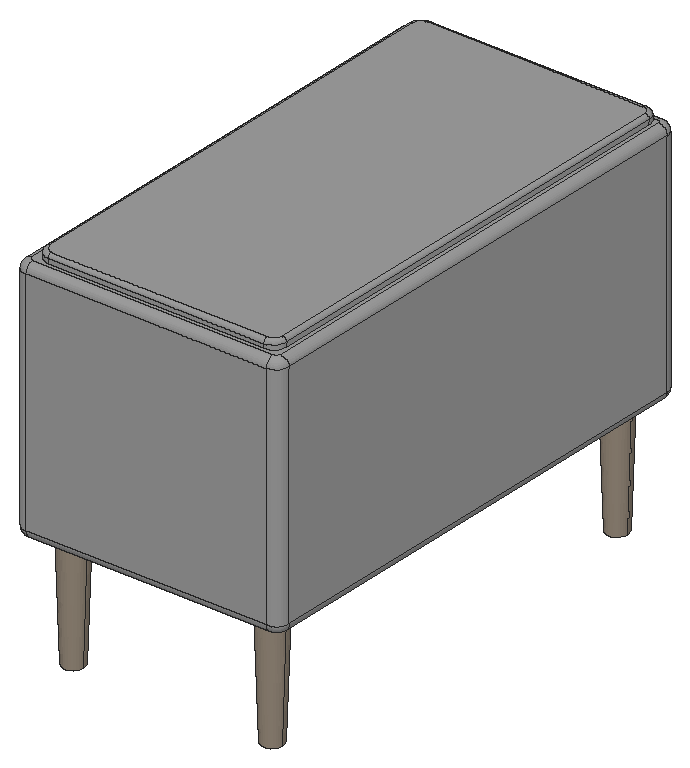
Revit family "Rise_RS-SPN-ARM-1630-LT_16inchSpannerArmLamTop", category Furniture, Revit 2021
Family settings
  OmniClass Number = 23.40.20.00
  OmniClass Title = General Furniture and Specialties
  Work Plane-Based = No
  Always vertical = Yes
  Cut with Voids When Loaded = No
  Shared = No
  Room Calculation Point = No
Parameters
  width2 = 15.25"
  width = 16"
  seat top = wood finish 12
  seat material = Fabric 12i
  seat height = 22"
  depth2 = 29.1875"
  depth = 30"
  Default Elevation = 0"
  Base material = wooden base 12
Reference planes (in)
  plane 1 "Center Front/Back": y = 0
  plane 2: z = 0
  plane 3 "Center Left/Right": x = 0
  plane 4: y = 15
  plane 5: y = -15
  plane 6: x = -8
  plane 7: x = 8
  plane 8: z = 22
  plane 9: z = 7.125
  plane 10: z = 22.5
  plane 11: x = -7.625
  plane 12: x = 7.625
  plane 13: y = -14.59375
  plane 14: y = 14.59375
Forms (in)
  Extrusion 1, solid, material "Fabric 12i" <- "seat material"
    sketch origin (0, 0, 0) x (1, 0, 0) y (0, 1, 0)
      loop
        arc (-7.25, 15) -> (-7.78033, 14.78033) -> (-8, 14.25) r 0.75
        line (-8, 14.25) -> (-8, -14.25)
        arc (-8, -14.25) -> (-7.78033, -14.78033) -> (-7.25, -15) r 0.75
        line (-7.25, -15) -> (7.25, -15)
        arc (7.25, -15) -> (7.78033, -14.78033) -> (8, -14.25) r 0.75
        line (8, -14.25) -> (8, 14.25)
        arc (8, 14.25) -> (7.78033, 14.78033) -> (7.25, 15) r 0.75
        line (7.25, 15) -> (-7.25, 15)
    from 7.125 to 22
  Sweep 2, void
    path in 3D
      loop
        arc (-7.25, 15, 22) -> (-7.78033, 14.78033, 22) -> (-8, 14.25, 22) r 0.75
        line (-8, 14.25, 22) -> (-8, -14.25, 22)
        arc (-8, -14.25, 22) -> (-7.78033, -14.78033, 22) -> (-7.25, -15, 22) r 0.75
        line (-7.25, -15, 22) -> (7.25, -15, 22)
        arc (7.25, -15, 22) -> (7.78033, -14.78033, 22) -> (8, -14.25, 22) r 0.75
        line (8, -14.25, 22) -> (8, 14.25, 22)
        arc (8, 14.25, 22) -> (7.78033, 14.78033, 22) -> (7.25, 15, 22) r 0.75
        line (7.25, 15, 22) -> (-7.25, 15, 22)
    profile origin (0, 15, 22) x (0, -1, 0) y (0, 0, 1)
      loop
        line (0, 0) -> (0, -0.5)
        arc (0, -0.5) -> (0.14645, -0.14645) -> (0.5, 0) r 0.5
        line (0.5, 0) -> (0, 0)
  Extrusion 3, solid, material "wood finish 12" <- "seat top"
    sketch origin (0, 0, 0) x (1, 0, 0) y (0, 1, 0)
      loop
        arc (-6.5, 14.59375) -> (-7.03033, 14.37408) -> (-7.25, 13.84375) r 0.75
        line (-7.25, 13.84375) -> (-7.25, -13.5)
        arc (-7.25, -13.5) -> (-7.03033, -14.03033) -> (-6.5, -14.25) r 0.75
        line (-6.5, -14.25) -> (6.5, -14.25)
        arc (6.5, -14.25) -> (7.03033, -14.03033) -> (7.25, -13.5) r 0.75
        line (7.25, -13.5) -> (7.25, 13.84375)
        arc (7.25, 13.84375) -> (7.03033, 14.37408) -> (6.5, 14.59375) r 0.75
        line (6.5, 14.59375) -> (-6.5, 14.59375)
    from 22 to 22.5
  Sweep 4, void
    path in 3D
      loop
        arc (-7.25, 15, 7.125) -> (-7.78033, 14.78033, 7.125) -> (-8, 14.25, 7.125) r 0.75
        line (-8, 14.25, 7.125) -> (-8, -14.25, 7.125)
        arc (-8, -14.25, 7.125) -> (-7.78033, -14.78033, 7.125) -> (-7.25, -15, 7.125) r 0.75
        line (-7.25, -15, 7.125) -> (7.25, -15, 7.125)
        arc (7.25, -15, 7.125) -> (7.78033, -14.78033, 7.125) -> (8, -14.25, 7.125) r 0.75
        line (8, -14.25, 7.125) -> (8, 14.25, 7.125)
        arc (8, 14.25, 7.125) -> (7.78033, 14.78033, 7.125) -> (7.25, 15, 7.125) r 0.75
        line (7.25, 15, 7.125) -> (-7.25, 15, 7.125)
    profile origin (0, 15, 7.125) x (0, 1, 0) y (0, 0, -1)
      loop
        line (0, 0) -> (-0.5, 0)
        arc (-0.5, 0) -> (-0.14645, -0.14645) -> (0, -0.5) r 0.5
        line (0, -0.5) -> (0, 0)
  Blend 5, solid, material "wooden base 12" <- "Base material"
    base sketch origin (57.95812, 13.80283, 0) x (-1, 0, 0) y (0, -1, 0)
      loop
        circle (63.95812, 26.80283) r 0.875
    top sketch origin (57.95812, 13.80283, 0) x (-1, 0, 0) y (0, -1, 0)
      loop
        circle (63.95812, 26.80283) r 0.62593
    from 7.12323 to 0
  Extrusion 6, void
    sketch origin (17.90316, 11.38632, 0) x (-1, 0, 0) y (0, -1, 0)
      loop
        circle (23.90316, 24.38632) r 0.3906
    from 0 to 7.12323
  Blend 7, solid, material "wooden base 12" <- "Base material", not visible
    base sketch origin (-54.96047, -7.95933, 0) x (1, 0, 0) y (0, 1, 0)
      loop
        circle (63.95812, 0.80283) r 0.875
    top sketch origin (-54.96047, -7.95933, 0) x (1, 0, 0) y (0, 1, 0)
      loop
        circle (63.95812, 0.80283) r 0.62593
    from 7.12323 to 0
  Extrusion 8, void, not visible
    sketch origin (-14.90551, -5.54282, 0) x (1, 0, 0) y (0, 1, 0)
      loop
        circle (23.90316, -1.61368) r 0.3906
    from 0 to 7.12323
  Blend 9, solid, material "wooden base 12" <- "Base material"
    base sketch origin (-57.95812, -13.80283, 0) x (1, 0, 0) y (0, 1, 0)
      loop
        circle (63.95812, 0.80283) r 0.875
    top sketch origin (-57.95812, -13.80283, 0) x (1, 0, 0) y (0, 1, 0)
      loop
        circle (63.95812, 0.80283) r 0.62593
    from 7.12323 to 0
  Extrusion 10, void
    sketch origin (-17.90316, -11.38632, 0) x (1, 0, 0) y (0, 1, 0)
      loop
        circle (23.90316, -1.61368) r 0.3906
    from 0 to 7.12323
  Blend 11, solid, material "wooden base 12" <- "Base material"
    base sketch origin (57.95812, 13.80283, 0) x (-1, 0, 0) y (0, -1, 0)
      loop
        circle (63.95812, 0.80283) r 0.875
    top sketch origin (57.95812, 13.80283, 0) x (-1, 0, 0) y (0, -1, 0)
      loop
        circle (63.95812, 0.80283) r 0.62593
    from 7.12323 to 0
  Extrusion 12, void
    sketch origin (17.90316, 11.38632, 0) x (-1, 0, 0) y (0, -1, 0)
      loop
        circle (23.90316, -1.61368) r 0.3906
    from 0 to 7.12323
  Blend 13, solid, material "wooden base 12" <- "Base material"
    base sketch origin (-57.95812, -13.80283, 0) x (1, 0, 0) y (0, 1, 0)
      loop
        circle (63.95812, 26.80283) r 0.875
    top sketch origin (-57.95812, -13.80283, 0) x (1, 0, 0) y (0, 1, 0)
      loop
        circle (63.95812, 26.80283) r 0.62593
    from 7.12323 to 0
  Extrusion 14, void
    sketch origin (-17.90316, -11.38632, 0) x (1, 0, 0) y (0, 1, 0)
      loop
        circle (23.90316, 24.38632) r 0.3906
    from 0 to 7.12323
  Sweep 15, void
    path in 3D
      loop
        arc (-7.25, -13.5, 22.5) -> (-7.03033, -14.03033, 22.5) -> (-6.5, -14.25, 22.5) r 0.75
        line (-6.5, -14.25, 22.5) -> (6.5, -14.25, 22.5)
        arc (6.5, -14.25, 22.5) -> (7.03033, -14.03033, 22.5) -> (7.25, -13.5, 22.5) r 0.75
        line (7.25, -13.5, 22.5) -> (7.25, 13.84375, 22.5)
        arc (7.25, 13.84375, 22.5) -> (7.03033, 14.37408, 22.5) -> (6.5, 14.59375, 22.5) r 0.75
        line (6.5, 14.59375, 22.5) -> (-6.5, 14.59375, 22.5)
        arc (-6.5, 14.59375, 22.5) -> (-7.03033, 14.37408, 22.5) -> (-7.25, 13.84375, 22.5) r 0.75
        line (-7.25, 13.84375, 22.5) -> (-7.25, -13.5, 22.5)
    profile origin (-7.25, 0.17187, 22.5) x (1, 0, 0) y (0, 0, 1)
      loop
        line (0, 0) -> (0, -0.25)
        arc (0, -0.25) -> (0.07322, -0.07322) -> (0.25, 0) r 0.25
        line (0.25, 0) -> (0, 0)
Cuts and joins
  Sweep 2, Sweep 4, Extrusion 10, Extrusion 12, Extrusion 14 cuts Extrusion 1
  Extrusion 6, Extrusion 10, Extrusion 12 cuts Blend 5
  Extrusion 10, Extrusion 14 cuts Blend 9
  Extrusion 12 cuts Blend 11
  Extrusion 14 cuts Blend 13
  Sweep 15 cuts Extrusion 3
Lines and regions (in)
  sketch lines
    curve 1: line (7.25, 15, 22) -> (-7.25, 15, 22)
    curve 2: arc (7.25, 15, 22) -> (7.78033, 14.78033, 22) -> (8, 14.25, 22) r 0.75
    curve 3: line (8, -14.25, 22) -> (8, 14.25, 22)
    curve 4: arc (8, -14.25, 22) -> (7.78033, -14.78033, 22) -> (7.25, -15, 22) r 0.75
    curve 5: line (-7.25, -15, 22) -> (7.25, -15, 22)
    curve 6: arc (-7.25, -15, 22) -> (-7.78033, -14.78033, 22) -> (-8, -14.25, 22) r 0.75
    curve 7: line (-8, 14.25, 22) -> (-8, -14.25, 22)
    curve 8: arc (-8, 14.25, 22) -> (-7.78033, 14.78033, 22) -> (-7.25, 15, 22) r 0.75
    curve 9: line (7.25, 15, 7.125) -> (-7.25, 15, 7.125)
    curve 10: arc (7.25, 15, 7.125) -> (7.78033, 14.78033, 7.125) -> (8, 14.25, 7.125) r 0.75
    curve 11: line (8, -14.25, 7.125) -> (8, 14.25, 7.125)
    curve 12: arc (8, -14.25, 7.125) -> (7.78033, -14.78033, 7.125) -> (7.25, -15, 7.125) r 0.75
    curve 13: line (-7.25, -15, 7.125) -> (7.25, -15, 7.125)
    curve 14: arc (-7.25, -15, 7.125) -> (-7.78033, -14.78033, 7.125) -> (-8, -14.25, 7.125) r 0.75
    curve 15: line (-8, 14.25, 7.125) -> (-8, -14.25, 7.125)
    curve 16: arc (-8, 14.25, 7.125) -> (-7.78033, 14.78033, 7.125) -> (-7.25, 15, 7.125) r 0.75
    curve 17: line (-7.25, 13.84375, 22.5) -> (-7.25, -13.5, 22.5)
    curve 18: arc (-7.25, 13.84375, 22.5) -> (-7.03033, 14.37408, 22.5) -> (-6.5, 14.59375, 22.5) r 0.75
    curve 19: line (6.5, 14.59375, 22.5) -> (-6.5, 14.59375, 22.5)
    curve 20: arc (6.5, 14.59375, 22.5) -> (7.03033, 14.37408, 22.5) -> (7.25, 13.84375, 22.5) r 0.75
    curve 21: line (7.25, -13.5, 22.5) -> (7.25, 13.84375, 22.5)
    curve 22: arc (7.25, -13.5, 22.5) -> (7.03033, -14.03033, 22.5) -> (6.5, -14.25, 22.5) r 0.75
    curve 23: line (-6.5, -14.25, 22.5) -> (6.5, -14.25, 22.5)
    curve 24: arc (-6.5, -14.25, 22.5) -> (-7.03033, -14.03033, 22.5) -> (-7.25, -13.5, 22.5) r 0.75
Dimensions and locks (in)
  equal spacing: plane 6, plane 3 "Center Left/Right", plane 7
  equal spacing: plane 4, plane 1 "Center Front/Back", plane 5
  "depth": plane 4 to plane 5
  "width": plane 6 to plane 7
  "seat height": plane 8 to level
  plane 9 to level = 7.125"
  plane 10 to plane 8 = 0.5"  (x2)
  equal spacing: plane 14, plane 1 "Center Front/Back", plane 13
  "depth2": plane 14 to plane 13
  equal spacing: plane 11, plane 3 "Center Left/Right", plane 12
  "width2": plane 11 to plane 12
  diameter of Blend 5 sketch curve = 1.25187"
  diameter of Extrusion 6 sketch curve = 0.7812"
  diameter of Blend 7 sketch curve = 1.25187"
  diameter of Extrusion 8 sketch curve = 0.7812"
  diameter of Blend 9 sketch curve = 1.25187"
  diameter of Extrusion 10 sketch curve = 0.7812"
  diameter of Blend 11 sketch curve = 1.25187"
  diameter of Extrusion 12 sketch curve = 0.7812"
  diameter of Blend 13 sketch curve = 1.25187"
  diameter of Extrusion 14 sketch curve = 0.7812"
  aligned and locked: level to plane 2
  aligned and locked: Extrusion 1 sketch curve to plane 4
  aligned and locked: plane 6 to Extrusion 1 sketch curve
  aligned and locked: plane 5 to Extrusion 1 sketch curve
  aligned and locked: plane 8 to Extrusion 1
  aligned and locked: Extrusion 1 to plane 9
  aligned and locked: Extrusion 3 to plane 8
  aligned and locked: plane 10 to Extrusion 3
Automatic sketch dimensions
  Extrusion 1 sketch curve to plane 7 = 0"
  plane 6 to Extrusion 1 sketch curve = 0.75"
  plane 5 to Extrusion 1 sketch curve = 0.75"
  Extrusion 1 sketch curve to plane 4 = 0.75"
  Extrusion 1 sketch curve to plane 7 = 0.75"
  Extrusion 3 sketch curve to Extrusion 3 sketch curve = 0.75"  (x4)
  Extrusion 3 sketch curve to plane 7 = 1.5"
  Extrusion 3 sketch curve to plane 4 = 1.15625"
  plane 6 to Extrusion 3 sketch curve = 0.75"
  plane 5 to Extrusion 3 sketch curve = 1.5"
  profile plane to Sweep 4 sketch curve = 0"
  Sweep 4 sketch curve to profile plane = 0"
  profile plane to Sweep 4 sketch curve = 0.5"
  Sweep 2 sketch curve to profile plane = 0"  (x2)
  Sweep 2 sketch curve to Sweep 2 sketch curve = 0.5"
  profile plane to Sweep 15 sketch curve = 0"
  Sweep 15 sketch curve to profile plane = 0"
  Sweep 15 sketch curve to profile plane = 0.25"
  radius of Blend 5 sketch curve = 0.875"
  radius of Blend 7 sketch curve = 0.875"
  radius of Blend 9 sketch curve = 0.875"
  radius of Blend 11 sketch curve = 0.875"
  radius of Blend 13 sketch curve = 0.875"
